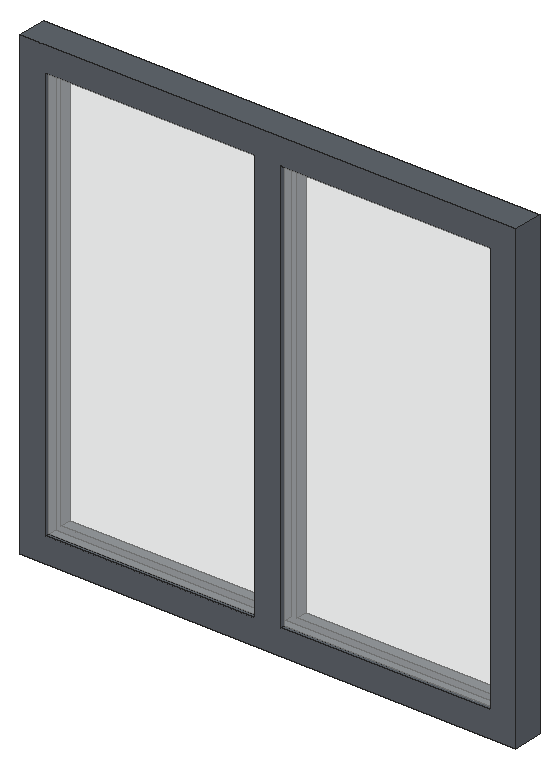
Revit family "Wicline_95_Glazed_in_fixed_light_composite", category Windows, host Wall, Revit 2014
Parameters
  Youtube clip = ""
  Window Offset = 60 mm
  Weight Net (Kg) = 0
  Watertightness = "E900"
  Uniclass 2015 Name = ""
  Uniclass 2015 Code = ""
  Uniclass 2.0 Description = ""
  Uniclass 2.0 Code = ""
  Uniclass 1.4 Description = ""
  Uniclass 1.4 Code = ""
  URL = "http://www.wicona.com"
  UNSPSC Code = ""
  U-value W/m²k = "0.80 W/(m2K)"
  Transom 1019213 = no
  Transom 1019204 = not(or(Transom 1019206, Transom 1019209, Transom 1019213))  # yes
  Transom 1019206 = no
  Transom 1019209 = no
  Technical description = ""
  Resistance to wind load = "Class C5/B5"
  Repeated Opening/Closing = "Class 3 (20,000 cycles)"
  Region South America = "None"
  Region Oceania = "None"
  Region North America = "None"
  Region Middle East = "None"
  Region Europe = "AD, AL, AT, AX, BA, BE, BG, BY, CH, CS, CY, CZ, DE, DK, EE, ES, FI, FO, FR, GB, GG, GI, GR, HR, HU, IE, IM, IS, IT, JE, LI, LT, LU, LV, MC, MD, ME, MK, MT, NL, NO, PL, PT, RO, RS, RU, SE, SI, SJ, SK, SM, UA, VA, XK"
  Region Asia = "None"
  Region Antarctica = "None"
  Region Africa = "None"
  Quality Assurance = "Certified according to ISO 9001:2008\r\nCertified according to ISO 9001:2008"
  QR code = "http://bimobject.com/wicona/product/WICLINE_95_W"
  Product group = "Windows"
  Product family = "Windows & Doors"
  Product data url = "http://bimobject.com/wicona/product/WICLINE_95_W"
  Product certification = ""
  Product SKU = "WICLINE_95_W"
  Product Guid = "e95bb49c-67c8-4fe8-88fb-b6bba030be1f"
  Operating Forces = "Class 1"
  OmniClass Description = ""
  OmniClass Code = ""
  Nominal width = 100000
  Nominal height = 150000
  NBS Reference Description = ""
  NBS Reference Code = ""
  Model = "Wicline 95"
  Mechanical Strength = "Class 4"
  Maximum Sash Weight = "150kg as standard design, heavier weights can easily be customised"
  Material secondary = "Glass"
  Material main = "Aluminium"
  Manufacturer name = "Wicona"
  Manufacturer country = "Germany"
  Manufacturer = "Wicona"
  Leaf Width = Width - 2 * Frame Width 2 Glass  # 1466 mm
  Leaf Material = WICONA - Aluminium - RAL7016 - Anthracite Grey - Matt
  Leaf Height = Height - 2 * Frame Width 2 Glass  # 1366 mm
  Installation instructions = ""
  IFC Classification = ""
  Height = 1500 mm
  Handle Material = Aluminium
  Glass Material = WICONA -  Glass
  Frame Width 6 = Frame Width 4 - 3 mm  # 42 mm
  Frame Width 5 Glass = Frame Width 4 - 18 mm  # 27 mm
  Frame Width 4 = if(Transom 1019204, 45 mm, if(Transom 1019206, 55 mm, if(Transom 1019209, 70 mm, 90 mm)))  # 45 mm
  Frame Width 3 = Frame Width - 3 mm  # 82 mm
  Frame Width 2 Glass = if(Frame 1019006, 67 mm, 47 mm)  # 67 mm
  Frame Width = if(Frame 1019006, 85 mm, 65 mm)  # 85 mm
  Frame Thickness = 95 mm
  Frame Material = WICONA - Aluminium - RAL7016 - Anthracite Grey - Matt
  Frame 1019010 = no
  Frame 1019006 = yes
  Frame 1019004 = not(or(Frame 1019006, Frame 1019010))  # no
  Edition number = 1
  EAN code = ""
  Design country = "Germany"
  Description = "The WICLINE 95 window system meets the highest energy efficiency standards with a frame depth of only 95 mm and a slim sightline of only 125 mm. The Thermo Frame insulation zone for WICLINE 95 is located inside the rebate area of the window and can be fabricated and installed quickly and easily through an intelligent clamping system. This feature allows adjustment of the Uf-value as required for the building. The main components of the WICLINE 65 and 75 series are used for WICLINE 95 in line with the WICONA Unysis principle to simplify ordering and minimize stock keeping. The new ETC Intelligence® thermal break zone through its intelligent material mix achieves passive house class phB and removes the need for foam inserts in the sash or frame profile."
  Default Sill Height = 800 mm
  Wall Closure = By host
  Width = 1600 mm
  Date of publishing = "3/14/2015"
  COBIe Type Category = ""
  BIMobject category = ""
  Analytic Construction = "<None>"
  Air Permeability = "Class 5"
  Acoustic = "Rw (C;Ctr) = 47 (-1;-4) dB"
Reference planes
  plane 1 "Center (Front/Back)": y = 0
  plane 2 "Center (Left/Right)": x = 0
  plane 3 "Left": x = -800
  plane 4 "Right": x = 800
  plane 5 "Sill": z = 800
  plane 6 "Head": z = 2300
  plane 7 "Exterior": y = 100
  plane 8 "Interior": y = -100
  plane 9 "alap": y = 40
  plane 10: y = -55
  plane 11: x = -733
  plane 12: x = -715
  plane 13: z = 2233
  plane 14: x = 715
  plane 15: x = -718
  plane 16: x = -45
  plane 17: x = -27
  plane 18: x = -42
  plane 19: x = 42
  plane 20: x = 27
  plane 21: x = 45
  plane 22: x = 733
  plane 23: z = 867
Forms (mm)
  Sweep 1, solid, material "WICONA - Aluminium - RAL7016 - Anthracite Grey - Matt" <- "Frame Material", detail levels medium+fine
    path in 3D
      loop
        line (-800, -100, 2300) -> (800, -100, 2300) -> (800, -100, 800) -> (-800, -100, 800) -> (-800, -100, 2300)
    profile origin (-800, -100, 1550) x (0, -1, 0) y (1, 0, 0)
      loop
        line (-140, 85) -> (-140, 0) -> (-45, 0) -> (-45, 82) -> (-56.499, 82) -> (-56.499, 67) -> (-104.5, 67) -> (-104.5, 85) -> (-140, 85)
  Sweep 2, solid, material "WICONA - Aluminium - RAL7016 - Anthracite Grey - Matt" <- "Frame Material", detail levels medium+fine
    path origin (0, 40, 0) x (-1, 0, 0) y (0, 0, 1)
      loop
        line (0, 2218) -> (0, 882)
    profile origin (0, 40, 1550) x (0, 1, 0) y (-1, 0, 0)
      loop
        line (0, 45) -> (-35.5, 45) -> (-35.5, 27) -> (-83.5, 27) -> (-83.5, 42) -> (-95, 42) -> (-95, -42) -> (-83.5, -42) -> (-83.5, -27) -> (-35.5, -27) -> (-35.5, -45) -> (0, -45) -> (0, 45)
  Extrusion 3, solid, material "WICONA -  Glass" <- "Glass Material", detail levels fine
    sketch origin (594.453, 374.856, 0) x (1, 0, 0) y (0, 1, 0)
      loop
        line (-1327.453, -370.356) -> (-1327.453, -418.358) -> (138.547, -418.358) -> (138.547, -370.356) -> (-1327.453, -370.356)
    from 867 to 2233
Cuts and joins
  joined: Sweep 1, Sweep 2
Lines and regions (mm)
  Opening 1
    outline origin (3500, -100, 0) x (1, 0, 0) y (0, 0, 1)
      loop
        line (-2700, 800) -> (-2700, 2300) -> (-4300, 2300) -> (-4300, 800) -> (-2700, 800)
  sketch lines
    curve 1: line (-800, -100, 800) -> (-800, -100, 2300)
    curve 2: line (-800, -100, 2300) -> (800, -100, 2300)
    curve 3: line (800, -100, 2300) -> (800, -100, 800)
    curve 4: line (800, -100, 800) -> (-800, -100, 800)
  symbolic lines, style "Windows", detail levels coarse
    curve 5: line (-715, 100, 0) -> (-715, -100, 0)
    curve 6: line (715, 100, 0) -> (715, -100, 0)
    curve 7: line (-715, -55, 0) -> (-27, -55, 0)
    curve 8: line (27, 100, 0) -> (27, -100, 0)
    curve 9: line (27, 40, 0) -> (715, 40, 0)
    curve 10: line (-27, 100, 0) -> (-27, -100, 0)
    curve 11: line (-715, 40, 0) -> (-27, 40, 0)
    curve 12: line (27, -55, 0) -> (715, -55, 0)
  symbolic lines, style "Windows", detail levels medium+fine
    curve 13: line (-718, 40, 0) -> (-27, 40, 0)
    curve 14: line (-718, -55, 0) -> (-27, -55, 0)
    curve 15: line (27.492, 40, 0) -> (733, 40, 0)
    curve 16: line (27.492, -55, 0) -> (733, -55, 0)
    curve 17: line (-800, 40, 2233) -> (-800, 40, 867)
    curve 18: line (-800, -55, 2233) -> (-800, -55, 867)
Text (mm)
  text "EXTERIOR" at (-1963.203, 1332.353, 0), in view "Ref. Level"
  text "INTERIOR" at (-1981.466, -818.386, 0), in view "Ref. Level"
  text "Exterior" at (0, 923.751, 2943.296), in view "Right"
  text "Exterior" at (0, 1040.484, 2685.409), in view "Left"
Dimensions and locks
  equal spacing: plane 3 "Left", plane 2 "Center (Left/Right)", plane 4 "Right"
  "Width": plane 3 "Left" to plane 4 "Right"
  "Height": plane 5 "Sill" to plane 6 "Head"
  "Default Sill Height": plane 5 "Sill" to level
  locked: plane 7 "Exterior" to host wall at 0
  locked: plane 8 "Interior" to host wall
  "Frame Thickness": plane 9 "alap" to plane 10
  "Frame Width": plane 3 "Left" to plane 12
  "Frame Width 2 Glass": plane 3 "Left" to plane 11
  "Window Offset": host wall to plane 9 "alap"
  "Frame Width": plane 14 to plane 4 "Right"
  "Frame Width 2 Glass": plane 13 to plane 6 "Head"
  "Frame Width 3": plane 3 "Left" to plane 15
  "Frame Width 2 Glass": plane 22 to plane 4 "Right"
  "Frame Width 4": plane 16 to plane 2 "Center (Left/Right)"
  "Frame Width 4": plane 2 "Center (Left/Right)" to plane 21
  "Frame Width 5 Glass": plane 17 to plane 2 "Center (Left/Right)"
  "Frame Width 5 Glass": plane 2 "Center (Left/Right)" to plane 20
  "Frame Width 6": plane 18 to plane 2 "Center (Left/Right)"
  "Frame Width 6": plane 2 "Center (Left/Right)" to plane 19
  "Frame Width 2 Glass": plane 23 to plane 5 "Sill"
  aligned and locked: profile plane to Sweep 1 sketch curve
  aligned and locked: Sweep 1 sketch curve to plane 12
  aligned and locked: plane 10 to Sweep 1 sketch curve
  aligned and locked: curve 7 to plane 10
  aligned and locked: curve 5 to plane 12
  aligned and locked: nested 1 to plane 3 "Left"
  aligned and locked: nested 1 to plane 9 "alap"
  aligned and locked: nested 2 to plane 4 "Right"
  aligned and locked: plane 9 "alap" to nested 2
  aligned and locked: nested 3 to plane 9 "alap"
  aligned and locked: nested 3 to plane 3 "Left"
  aligned and locked: plane 9 "alap" to nested 4
  aligned and locked: nested 4 to plane 4 "Right"
  aligned and locked: plane 9 "alap" to nested 6
  aligned and locked: nested 6 to plane 4 "Right"
  aligned and locked: nested 5 to plane 9 "alap"
  aligned and locked: nested 5 to plane 3 "Left"
  aligned and locked: Sweep 1 sketch curve to plane 11
  aligned and locked: Sweep 1 sketch curve to plane 15
  aligned and locked: plane 9 "alap" to Sweep 1 sketch curve
  aligned and locked: plane 9 "alap" to nested 8
  aligned and locked: nested 8 to plane 6 "Head"
  aligned and locked: nested 7 to plane 9 "alap"
  aligned and locked: nested 7 to plane 5 "Sill"
  aligned and locked: plane 9 "alap" to nested 10
  aligned and locked: nested 10 to plane 6 "Head"
  aligned and locked: nested 9 to plane 5 "Sill"
  aligned and locked: nested 9 to plane 9 "alap"
  aligned and locked: nested 12 to plane 6 "Head"
  aligned and locked: plane 9 "alap" to nested 12
  aligned and locked: nested 11 to plane 5 "Sill"
  aligned and locked: nested 11 to plane 9 "alap"
  aligned and locked: nested 14 to plane 2 "Center (Left/Right)"
  aligned and locked: plane 9 "alap" to nested 14
  aligned and locked: nested 15 to plane 2 "Center (Left/Right)"
  aligned and locked: plane 9 "alap" to nested 15
  aligned and locked: nested 16 to plane 2 "Center (Left/Right)"
  aligned and locked: plane 9 "alap" to nested 16
  aligned and locked: nested 17 to plane 2 "Center (Left/Right)"
  aligned and locked: plane 9 "alap" to nested 17
  aligned and locked: Sweep 2 sketch curve to plane 2 "Center (Left/Right)"
  aligned and locked: Sweep 2 sketch curve to plane 16
  aligned and locked: plane 21 to Sweep 2 sketch curve
  aligned and locked: Sweep 2 sketch curve to plane 17
  aligned and locked: plane 20 to Sweep 2 sketch curve
  aligned and locked: Sweep 2 sketch curve to plane 18
  aligned and locked: plane 19 to Sweep 2 sketch curve
  aligned and locked: plane 11 to nested 13
  aligned and locked: plane 17 to nested 13
  aligned and locked: nested 13 to Sweep 1
  aligned and locked: plane 20 to nested 18
  aligned and locked: plane 22 to nested 18
  aligned and locked: nested 18 to Sweep 1
  aligned and locked: nested 19 to plane 13
  aligned and locked: nested 19 to plane 23
  aligned and locked: Extrusion 3 to plane 11
  aligned and locked: plane 22 to Extrusion 3
  aligned and locked: Extrusion 3 to Sweep 1  (x2)
  aligned and locked: plane 13 to Extrusion 3
  aligned and locked: Extrusion 3 to plane 23
  aligned and locked: Sweep 1 to Sweep 2 sketch curve  (x2)
  aligned and locked: curve 8 to plane 20
  aligned and locked: host wall to curve 8  (x2)
  aligned and locked: host wall to curve 10  (x2)
  aligned and locked: curve 5 to curve 11
  aligned and locked: curve 11 to Sweep 1
  aligned and locked: curve 10 to curve 7
  aligned and locked: Sweep 1 to curve 12
  aligned and locked: curve 8 to curve 9
  aligned and locked: curve 6 to curve 9
  aligned and locked: curve 9 to Sweep 1
  aligned and locked: plane 17 to curve 14
  aligned and locked: plane 15 to curve 14
  aligned and locked: plane 15 to curve 13
  aligned and locked: curve 14 to plane 10
  aligned and locked: curve 13 to plane 9 "alap"
  aligned and locked: curve 16 to plane 10
  aligned and locked: curve 15 to plane 9 "alap"
  aligned and locked: plane 13 to curve 17
  aligned and locked: plane 13 to curve 18
  aligned and locked: plane 23 to curve 18
  aligned and locked: plane 23 to curve 17
  aligned and locked: plane 10 to curve 18
  aligned and locked: plane 9 "alap" to curve 17
  aligned and locked: plane 22 to curve 15
  aligned and locked: plane 22 to curve 16
Automatic sketch dimensions
  plane 3 "Left" to Opening 1 sketch curve = 0 mm
  plane 4 "Right" to Opening 1 sketch curve = 0 mm
  Opening 1 sketch curve to plane 5 "Sill" = 0 mm
  Opening 1 sketch curve to plane 6 "Head" = 0 mm
  Sweep 1 sketch curve to Sweep 1 sketch curve = 35.5 mm
  Sweep 1 sketch curve to Sweep 1 sketch curve = 11.499 mm
  host wall to curve 6 = 0 mm
  curve 6 to plane 14 = 0 mm
  host wall to curve 5 = 0 mm
  curve 6 to host wall = 0 mm
  curve 5 to host wall = 0 mm
  curve 9 to curve 15 = 0.492 mm
  curve 12 to curve 16 = 0.492 mm
  Sweep 2 sketch curve to plane 9 "alap" = 0 mm
  Sweep 2 sketch curve to plane 9 "alap" = 35.5 mm  (x2)
  Sweep 2 sketch curve to Sweep 2 sketch curve = 48 mm  (x2)
  Sweep 2 sketch curve to Sweep 2 sketch curve = 11.5 mm
  Extrusion 3 sketch curve to plane 11 = 0 mm
  Extrusion 3 sketch curve to plane 22 = 0 mm
  plane 10 to Extrusion 3 sketch curve = 11.499 mm
  Extrusion 3 sketch curve to host wall = 4.5 mm
Nested families
  nested 1: "Frame_fix_1019004" at (-800, 40, 0), visible <- "Frame 1019004", type "Frame_fix_1019004"
  nested 2: "Frame_fix_1019004" at (800, 40, 0) x (-1, 0, 0) z (0, 0, 1), visible <- "Frame 1019004", type "Frame_fix_1019004"
  nested 3: "Frame_fix_1019006" at (-800, 40, 0), visible <- "Frame 1019006", type "Frame_fix_1019006"
  nested 4: "Frame_fix_1019006" at (800, 40, 0) x (-1, 0, 0) z (0, 0, 1), visible <- "Frame 1019006", type "Frame_fix_1019006"
  nested 5: "Frame_fix_1019010" at (-800, 40, 0), visible <- "Frame 1019010", type "Frame_fix_1019010"
  nested 6: "Frame_fix_1019010" at (800, 40, 0) x (-1, 0, 0) z (0, 0, 1), visible <- "Frame 1019010", type "Frame_fix_1019010"
  nested 7: "Frame_fix_1019004" at (-800, 40, 800) x (0, 0, 1) z (-1, 0, 0), visible <- "Frame 1019004", type "Frame_fix_1019004"
  nested 8: "Frame_fix_1019004" at (-800, 40, 2300) x (0, 0, -1) z (-1, 0, 0), visible <- "Frame 1019004", type "Frame_fix_1019004"
  nested 9: "Frame_fix_1019006" at (-800, 40, 800) x (0, 0, 1) z (-1, 0, 0), visible <- "Frame 1019006", type "Frame_fix_1019006"
  nested 10: "Frame_fix_1019006" at (-800, 40, 2300) x (0, 0, -1) z (-1, 0, 0), visible <- "Frame 1019006", type "Frame_fix_1019006"
  nested 11: "Frame_fix_1019010" at (-800, 40, 800) x (0, 0, 1) z (-1, 0, 0), visible <- "Frame 1019010", type "Frame_fix_1019010"
  nested 12: "Frame_fix_1019010" at (-800, 40, 2300) x (0, 0, -1) z (-1, 0, 0), visible <- "Frame 1019010", type "Frame_fix_1019010"
  nested 13: "window_3_pieces_glass_line" at (-733, -43.501, 0), type "T48"
    with built-in parameter 1001306 2.3163 (stored number, unit not read)
  nested 14: "Transom_1019204" at (0, -55, 0), visible <- "Transom 1019204", type "Transom_1019204"
  nested 15: "Transom_1019206" at (0, -55, 0), visible <- "Transom 1019206", type "Transom_1019206"
  nested 16: "Transom_1019209" at (0, -55, 0), visible <- "Transom 1019209", type "Transom_1019209"
  nested 17: "Transom_1019213" at (0, -55, 0), visible <- "Transom 1019213", type "Transom_1019213"
  nested 18: "window_3_pieces_glass_line" at (27, -43.501, 0), type "T48"
    with built-in parameter 1001306 2.3163 (stored number, unit not read)
  nested 19: "window_3_pieces_glass_line" at (-800, 4.5, 2233) x (0, 0, -1) z (-1, 0, 0), type "T48"
    with built-in parameter 1001306 4.4816 (stored number, unit not read)
Definition of nested family "Frame_fix_1019004"
  Reference planes
    plane 1 "Center (Front/Back)": y = 0
    plane 2: z = 0
    plane 3 "Center (Left/Right)": x = 0
  Lines and regions (mm)
    Filled region 1, type "Concrete", in view "Ref. Level", detail levels medium
      outline origin (0, 0, 0) x (1, 0, 0) y (0, 1, 0)
        loop
          line (0, 0) -> (0, -95) -> (62, -95) -> (62, -83.501) -> (46.971, -83.501) -> (46.971, -35.496) -> (65, -35.496) -> (65, 0) -> (0, 0)
    model lines, style "DetailComponents", in view "Ref. Level", detail levels fine
      curve 1: line (46.971, -35.496, 0) -> (46.971, -83.501, 0)
Definition of nested family "Frame_fix_1019006"
  Reference planes
    plane 1 "Center (Front/Back)": y = 0
    plane 2: z = 0
    plane 3 "Center (Left/Right)": x = 0
  Lines and regions (mm)
    Filled region 1, type "Concrete", in view "Ref. Level", detail levels medium
      outline origin (0, 0, 0) x (1, 0, 0) y (0, 1, 0)
        loop
          line (0, 0) -> (0, -95) -> (82, -95) -> (82, -83.5) -> (67, -83.5) -> (67, -35.5) -> (85, -35.5) -> (85, 0) -> (0, 0)
    model lines, style "GLAS", in view "Ref. Level", detail levels fine
      curve 1: line (67, -83.5, 0) -> (67, -35.5, 0)
Definition of nested family "Frame_fix_1019010"
  Reference planes
    plane 1 "Center (Front/Back)": y = 0
    plane 2: z = 0
    plane 3 "Center (Left/Right)": x = 0
  Lines and regions (mm)
    Filled region 1, type "Concrete", in view "Ref. Level", detail levels medium
      outline origin (0, 0, 0) x (1, 0, 0) y (0, 1, 0)
        loop
          line (0, 0) -> (0, -95) -> (62, -95) -> (62, -83.5) -> (47.019, -83.5) -> (47.019, -35.497) -> (65, -35.497) -> (65, 0) -> (32.698, 0) -> (32.698, -5.629) -> (26, -5.629) -> (26, 0) -> (0, 0)
    detail lines, in view "Ref. Level", detail levels fine
      curve 1: line (47.019, -35.497, 0) -> (47.019, -83.5, 0)
Definition of nested family "window_3_pieces_glass_line"
  Parameters (values of type "T48")
    v2 = 2.5 mm
    v1 = 6 mm
    line = 10 mm
    built-in parameter 1001306 [instance] = 1200 mm
    Glass Thickness = 48.1 mm
  Types (2, lengths in mm): name | Glass Thickness
    T48 | 48.1
    T38 | 38
  Reference planes
    plane 1 "Center (Front/Back)": y = 0
    plane 2: z = 0
    plane 3 "Left": x = 0
    plane 4 "Right": x = 1200
    plane 5: y = 24.05
    plane 6: y = 48.1
    plane 7: y = 6
    plane 8: y = 21.55
    plane 9: y = 26.55
    plane 10: y = 42.1
    plane 11: x = 10
    plane 12: x = 1190
  Lines and regions (mm)
    reference lines, in view "Ref. Level"
      curve 1: line (0, 0, 0) -> (1200, 0, 0)
    detail lines, in view "Ref. Level", detail levels medium+fine
      curve 2: line (0, 48.1, 0) -> (1200, 48.1, 0)
      curve 3: line (0, 0, 0) -> (1200, 0, 0)
    detail lines, in view "Ref. Level", detail levels fine
      curve 4: line (0, 42.1, 0) -> (1200, 42.1, 0)
      curve 5: line (0, 26.55, 0) -> (1200, 26.55, 0)
      curve 6: line (0, 21.55, 0) -> (1200, 21.55, 0)
      curve 7: line (0, 6, 0) -> (1200, 6, 0)
    model lines, style "DetailComponents", in view "Ref. Level", detail levels fine
      curve 8: line (10, 42.1, 0) -> (10, 26.55, 0)
      curve 9: line (10, 21.55, 0) -> (10, 6, 0)
      curve 11: line (1190, 42.1, 0) -> (1190, 26.55, 0)
    model lines, style "DetailComponents", in view "Ref. Level", detail levels medium
      curve 10: line (10, 48.1, 0) -> (10, 0, 0)
    detail lines, style "DetailComponents", in view "Ref. Level", detail levels fine
      curve 12: line (1190, 21.55, 0) -> (1190, 6, 0)
    detail lines, style "DetailComponents", in view "Ref. Level", detail levels medium
      curve 13: line (1190, 48.1, 0) -> (1190, 0, 0)
    model lines, style "DetailComponents", in view "Ref. Level", detail levels medium+fine
      curve 14: line (1200, 48.1, 0) -> (1200, 0, 0)
    detail lines, style "DetailComponents", in view "Ref. Level", detail levels medium+fine
      curve 15: line (0, 48.1, 0) -> (0, 0, 0)
  Dimensions and locks
    "built-in parameter 1001306": plane 3 "Left" to plane 4 "Right"
    "Glass Thickness": plane 6 to plane 1 "Center (Front/Back)"
    equal spacing: plane 6, plane 5, plane 1 "Center (Front/Back)"
    "v1": plane 6 to plane 10
    "v1": plane 7 to plane 1 "Center (Front/Back)"
    "v2": plane 9 to plane 5
    "v2": plane 5 to plane 8
    "line": plane 3 "Left" to plane 11
    "line": plane 12 to plane 4 "Right"
    aligned and locked: plane 1 "Center (Front/Back)" to curve 1
    aligned and locked: plane 3 "Left" to curve 1
    aligned and locked: plane 4 "Right" to curve 1
    aligned and locked: plane 6 to curve 2
    aligned and locked: plane 10 to curve 4
    aligned and locked: plane 7 to curve 7
    aligned and locked: plane 8 to curve 6
    aligned and locked: plane 9 to curve 5
    aligned and locked: curve 4 to curve 8
    aligned and locked: curve 5 to curve 8
    aligned and locked: curve 8 to plane 11
    aligned and locked: curve 7 to curve 9
    aligned and locked: curve 6 to curve 9
    aligned and locked: curve 9 to plane 11
    aligned and locked: curve 3 to curve 10
    aligned and locked: curve 2 to curve 10
    aligned and locked: curve 10 to plane 11
    aligned and locked: curve 4 to curve 11
    aligned and locked: curve 5 to curve 11
    aligned and locked: curve 11 to plane 12
    aligned and locked: curve 6 to curve 12
    aligned and locked: curve 7 to curve 12
    aligned and locked: curve 12 to plane 12
    aligned and locked: curve 2 to curve 13
    aligned and locked: curve 3 to curve 13
    aligned and locked: curve 13 to plane 12
    aligned and locked: plane 1 "Center (Front/Back)" to curve 15
    aligned and locked: curve 15 to plane 3 "Left"
    aligned and locked: curve 2 to curve 14
    aligned and locked: curve 3 to curve 14
    aligned and locked: curve 14 to plane 4 "Right"
  Automatic sketch dimensions
    curve 7 to plane 4 "Right" = 0 mm
    curve 4 to plane 4 "Right" = 0 mm
    curve 3 to plane 4 "Right" = 0 mm
    curve 2 to plane 4 "Right" = 0 mm
    curve 6 to plane 4 "Right" = 0 mm
    curve 5 to plane 4 "Right" = 0 mm
Definition of nested family "Transom_1019204"
  Parameters (values of type "Transom_1019204")
    profiles = 94.8 mm
  Reference planes
    plane 1 "Center (Front/Back)": y = 0
    plane 2: z = 0
    plane 3 "Center (Left/Right)": x = 0
    plane 4: y = 95
  Lines and regions (mm)
    Filled region 1, type "Concrete", in view "Ref. Level", detail levels medium
      outline origin (20.839, 75.02, 0) x (1, 0, 0) y (0, 1, 0)
        loop
          line (-65.922, 19.98) -> (-65.922, -15.52) -> (-47.872, -15.52) -> (-47.872, -63.52) -> (-62.995, -63.52) -> (-62.995, -75.02) -> (21.246, -75.02) -> (21.246, -63.52) -> (6.194, -63.52) -> (6.194, -15.52) -> (24.244, -15.52) -> (24.244, 19.98) -> (-65.922, 19.98)
    detail lines, style "CENT3", in view "Ref. Level", not visible
      curve 1: line (152.538, 151.691, 0) -> (152.538, 209.691, 0)
      curve 2: line (162.538, 151.691, 0) -> (162.538, 209.691, 0)
    detail lines, style "GLAS", in view "Ref. Level", not visible
      curve 3: line (112.538, 156.691, 0) -> (152.538, 156.691, 0)
      curve 4: line (152.538, 156.691, 0) -> (152.538, 161.691, 0)
      curve 5: line (152.538, 161.691, 0) -> (112.538, 161.691, 0)
      curve 6: line (112.538, 161.691, 0) -> (112.538, 156.691, 0)
      curve 7: line (112.538, 177.691, 0) -> (152.538, 177.691, 0)
      curve 8: line (152.538, 177.691, 0) -> (152.538, 182.691, 0)
      curve 9: line (152.538, 182.691, 0) -> (112.538, 182.691, 0)
      curve 10: line (112.538, 182.691, 0) -> (112.538, 177.691, 0)
      curve 11: line (112.538, 198.691, 0) -> (152.538, 198.691, 0)
      curve 12: line (152.538, 198.691, 0) -> (152.538, 204.691, 0)
      curve 13: line (152.538, 204.691, 0) -> (112.538, 204.691, 0)
      curve 14: line (112.538, 204.691, 0) -> (112.538, 198.691, 0)
      curve 15: line (202.538, 156.691, 0) -> (162.538, 156.691, 0)
      curve 16: line (162.538, 156.691, 0) -> (162.538, 161.691, 0)
      curve 17: line (162.538, 161.691, 0) -> (202.538, 161.691, 0)
      curve 18: line (202.538, 161.691, 0) -> (202.538, 156.691, 0)
      curve 19: line (202.538, 177.691, 0) -> (162.538, 177.691, 0)
      curve 20: line (162.538, 177.691, 0) -> (162.538, 182.691, 0)
      curve 21: line (162.538, 182.691, 0) -> (202.538, 182.691, 0)
      curve 22: line (202.538, 182.691, 0) -> (202.538, 177.691, 0)
      curve 23: line (202.538, 198.691, 0) -> (162.538, 198.691, 0)
      curve 24: line (162.538, 198.691, 0) -> (162.538, 204.691, 0)
      curve 25: line (162.538, 204.691, 0) -> (202.538, 204.691, 0)
      curve 26: line (202.538, 204.691, 0) -> (202.538, 198.691, 0)
      curve 27: line (112.538, 157.691, 0) -> (152.538, 157.691, 0)
      curve 28: line (112.538, 158.691, 0) -> (152.538, 158.691, 0)
      curve 29: line (112.538, 159.691, 0) -> (152.538, 159.691, 0)
      curve 30: line (112.538, 160.691, 0) -> (152.538, 160.691, 0)
      curve 31: line (112.538, 161.691, 0) -> (152.538, 161.691, 0)
      curve 32: line (122.538, 161.691, 0) -> (122.538, 177.691, 0)
      curve 33: line (112.538, 177.691, 0) -> (152.538, 177.691, 0)
      curve 34: line (112.538, 178.691, 0) -> (152.538, 178.691, 0)
      curve 35: line (112.538, 179.691, 0) -> (152.538, 179.691, 0)
      curve 36: line (112.538, 180.691, 0) -> (152.538, 180.691, 0)
      curve 37: line (112.538, 181.691, 0) -> (152.538, 181.691, 0)
      curve 38: line (112.538, 182.691, 0) -> (152.538, 182.691, 0)
      curve 39: line (122.538, 182.691, 0) -> (122.538, 198.691, 0)
      curve 40: line (112.538, 198.691, 0) -> (152.538, 198.691, 0)
      curve 41: line (112.538, 199.691, 0) -> (152.538, 199.691, 0)
      curve 42: line (112.538, 200.691, 0) -> (152.538, 200.691, 0)
      curve 43: line (112.538, 201.691, 0) -> (152.538, 201.691, 0)
      curve 44: line (112.538, 202.691, 0) -> (152.538, 202.691, 0)
      curve 45: line (112.538, 203.691, 0) -> (152.538, 203.691, 0)
      curve 46: line (152.538, 156.691, 0) -> (112.538, 156.691, 0)
      curve 47: line (112.538, 156.691, 0) -> (112.538, 204.691, 0)
      curve 48: line (112.538, 204.691, 0) -> (152.538, 204.691, 0)
      curve 49: line (202.538, 157.691, 0) -> (162.538, 157.691, 0)
      curve 50: line (202.538, 158.691, 0) -> (162.538, 158.691, 0)
      curve 51: line (202.538, 159.691, 0) -> (162.538, 159.691, 0)
      curve 52: line (202.538, 160.691, 0) -> (162.538, 160.691, 0)
      curve 53: line (202.538, 161.691, 0) -> (162.538, 161.691, 0)
      curve 54: line (192.538, 161.691, 0) -> (192.538, 177.691, 0)
      curve 55: line (202.538, 177.691, 0) -> (162.538, 177.691, 0)
      curve 56: line (202.538, 178.691, 0) -> (162.538, 178.691, 0)
      curve 57: line (202.538, 179.691, 0) -> (162.538, 179.691, 0)
      curve 58: line (202.538, 180.691, 0) -> (162.538, 180.691, 0)
      curve 59: line (202.538, 181.691, 0) -> (162.538, 181.691, 0)
      curve 60: line (202.538, 182.691, 0) -> (162.538, 182.691, 0)
      curve 61: line (192.538, 182.691, 0) -> (192.538, 198.691, 0)
      curve 62: line (202.538, 198.691, 0) -> (162.538, 198.691, 0)
      curve 63: line (202.538, 199.691, 0) -> (162.538, 199.691, 0)
      curve 64: line (202.538, 200.691, 0) -> (162.538, 200.691, 0)
      curve 65: line (202.538, 201.691, 0) -> (162.538, 201.691, 0)
      curve 66: line (202.538, 202.691, 0) -> (162.538, 202.691, 0)
      curve 67: line (202.538, 203.691, 0) -> (162.538, 203.691, 0)
      curve 68: line (162.538, 156.691, 0) -> (202.538, 156.691, 0)
      curve 69: line (202.538, 156.691, 0) -> (202.538, 204.691, 0)
      curve 70: line (202.538, 204.691, 0) -> (162.538, 204.691, 0)
    detail lines, style "GLAS", in view "Ref. Level", detail levels fine
      curve 71: line (27.033, 11.5, 0) -> (27.033, 59.5, 0)
      curve 72: line (-27.033, 11.5, 0) -> (-27.033, 59.5, 0)
  Dimensions and locks
    plane 4 to plane 1 "Center (Front/Back)" = 95 mm
Definition of nested family "Transom_1019206"
  Parameters (values of type "Transom_1019206")
    profiles = 94.8 mm
  Reference planes
    plane 1 "Center (Front/Back)": y = 0
    plane 2: z = 0
    plane 3 "Center (Left/Right)": x = 0
    plane 4: y = 95
  Lines and regions (mm)
    Filled region 1, type "Concrete", in view "Ref. Level", detail levels medium
      outline origin (20.839, 75.02, 0) x (1, 0, 0) y (0, 1, 0)
        loop
          line (-75.943, 19.98) -> (-75.943, -15.52) -> (-57.893, -15.52) -> (-57.893, -63.52) -> (-72.952, -63.52) -> (-72.952, -75.02) -> (31.149, -75.02) -> (31.149, -63.52) -> (16.215, -63.52) -> (16.215, -15.52) -> (34.265, -15.52) -> (34.265, 19.98) -> (-75.943, 19.98)
    detail lines, style "CENT3", in view "Ref. Level", not visible
      curve 1: line (152.538, 151.691, 0) -> (152.538, 209.691, 0)
      curve 2: line (162.538, 151.691, 0) -> (162.538, 209.691, 0)
    detail lines, style "GLAS", in view "Ref. Level", not visible
      curve 3: line (112.538, 156.691, 0) -> (152.538, 156.691, 0)
      curve 4: line (152.538, 156.691, 0) -> (152.538, 161.691, 0)
      curve 5: line (152.538, 161.691, 0) -> (112.538, 161.691, 0)
      curve 6: line (112.538, 161.691, 0) -> (112.538, 156.691, 0)
      curve 7: line (112.538, 177.691, 0) -> (152.538, 177.691, 0)
      curve 8: line (152.538, 177.691, 0) -> (152.538, 182.691, 0)
      curve 9: line (152.538, 182.691, 0) -> (112.538, 182.691, 0)
      curve 10: line (112.538, 182.691, 0) -> (112.538, 177.691, 0)
      curve 11: line (112.538, 198.691, 0) -> (152.538, 198.691, 0)
      curve 12: line (152.538, 198.691, 0) -> (152.538, 204.691, 0)
      curve 13: line (152.538, 204.691, 0) -> (112.538, 204.691, 0)
      curve 14: line (112.538, 204.691, 0) -> (112.538, 198.691, 0)
      curve 15: line (202.538, 156.691, 0) -> (162.538, 156.691, 0)
      curve 16: line (162.538, 156.691, 0) -> (162.538, 161.691, 0)
      curve 17: line (162.538, 161.691, 0) -> (202.538, 161.691, 0)
      curve 18: line (202.538, 161.691, 0) -> (202.538, 156.691, 0)
      curve 19: line (202.538, 177.691, 0) -> (162.538, 177.691, 0)
      curve 20: line (162.538, 177.691, 0) -> (162.538, 182.691, 0)
      curve 21: line (162.538, 182.691, 0) -> (202.538, 182.691, 0)
      curve 22: line (202.538, 182.691, 0) -> (202.538, 177.691, 0)
      curve 23: line (202.538, 198.691, 0) -> (162.538, 198.691, 0)
      curve 24: line (162.538, 198.691, 0) -> (162.538, 204.691, 0)
      curve 25: line (162.538, 204.691, 0) -> (202.538, 204.691, 0)
      curve 26: line (202.538, 204.691, 0) -> (202.538, 198.691, 0)
      curve 27: line (112.538, 157.691, 0) -> (152.538, 157.691, 0)
      curve 28: line (112.538, 158.691, 0) -> (152.538, 158.691, 0)
      curve 29: line (112.538, 159.691, 0) -> (152.538, 159.691, 0)
      curve 30: line (112.538, 160.691, 0) -> (152.538, 160.691, 0)
      curve 31: line (112.538, 161.691, 0) -> (152.538, 161.691, 0)
      curve 32: line (122.538, 161.691, 0) -> (122.538, 177.691, 0)
      curve 33: line (112.538, 177.691, 0) -> (152.538, 177.691, 0)
      curve 34: line (112.538, 178.691, 0) -> (152.538, 178.691, 0)
      curve 35: line (112.538, 179.691, 0) -> (152.538, 179.691, 0)
      curve 36: line (112.538, 180.691, 0) -> (152.538, 180.691, 0)
      curve 37: line (112.538, 181.691, 0) -> (152.538, 181.691, 0)
      curve 38: line (112.538, 182.691, 0) -> (152.538, 182.691, 0)
      curve 39: line (122.538, 182.691, 0) -> (122.538, 198.691, 0)
      curve 40: line (112.538, 198.691, 0) -> (152.538, 198.691, 0)
      curve 41: line (112.538, 199.691, 0) -> (152.538, 199.691, 0)
      curve 42: line (112.538, 200.691, 0) -> (152.538, 200.691, 0)
      curve 43: line (112.538, 201.691, 0) -> (152.538, 201.691, 0)
      curve 44: line (112.538, 202.691, 0) -> (152.538, 202.691, 0)
      curve 45: line (112.538, 203.691, 0) -> (152.538, 203.691, 0)
      curve 46: line (152.538, 156.691, 0) -> (112.538, 156.691, 0)
      curve 47: line (112.538, 156.691, 0) -> (112.538, 204.691, 0)
      curve 48: line (112.538, 204.691, 0) -> (152.538, 204.691, 0)
      curve 49: line (202.538, 157.691, 0) -> (162.538, 157.691, 0)
      curve 50: line (202.538, 158.691, 0) -> (162.538, 158.691, 0)
      curve 51: line (202.538, 159.691, 0) -> (162.538, 159.691, 0)
      curve 52: line (202.538, 160.691, 0) -> (162.538, 160.691, 0)
      curve 53: line (202.538, 161.691, 0) -> (162.538, 161.691, 0)
      curve 54: line (192.538, 161.691, 0) -> (192.538, 177.691, 0)
      curve 55: line (202.538, 177.691, 0) -> (162.538, 177.691, 0)
      curve 56: line (202.538, 178.691, 0) -> (162.538, 178.691, 0)
      curve 57: line (202.538, 179.691, 0) -> (162.538, 179.691, 0)
      curve 58: line (202.538, 180.691, 0) -> (162.538, 180.691, 0)
      curve 59: line (202.538, 181.691, 0) -> (162.538, 181.691, 0)
      curve 60: line (202.538, 182.691, 0) -> (162.538, 182.691, 0)
      curve 61: line (192.538, 182.691, 0) -> (192.538, 198.691, 0)
      curve 62: line (202.538, 198.691, 0) -> (162.538, 198.691, 0)
      curve 63: line (202.538, 199.691, 0) -> (162.538, 199.691, 0)
      curve 64: line (202.538, 200.691, 0) -> (162.538, 200.691, 0)
      curve 65: line (202.538, 201.691, 0) -> (162.538, 201.691, 0)
      curve 66: line (202.538, 202.691, 0) -> (162.538, 202.691, 0)
      curve 67: line (202.538, 203.691, 0) -> (162.538, 203.691, 0)
      curve 68: line (162.538, 156.691, 0) -> (202.538, 156.691, 0)
      curve 69: line (202.538, 156.691, 0) -> (202.538, 204.691, 0)
      curve 70: line (202.538, 204.691, 0) -> (162.538, 204.691, 0)
    detail lines, style "GLAS", in view "Ref. Level", detail levels fine
      curve 71: line (37.054, 11.5, 0) -> (37.054, 59.5, 0)
      curve 72: line (-37.054, 11.5, 0) -> (-37.054, 59.5, 0)
  Dimensions and locks
    plane 4 to plane 1 "Center (Front/Back)" = 95 mm
Definition of nested family "Transom_1019209"
  Parameters (values of type "Transom_1019209")
    profiles = 94.8 mm
  Reference planes
    plane 1 "Center (Front/Back)": y = 0
    plane 2: z = 0
    plane 3 "Center (Left/Right)": x = 0
    plane 4: y = 95
  Lines and regions (mm)
    Filled region 1, type "Concrete", in view "Ref. Level", detail levels medium
      outline origin (20.839, 75.02, 0) x (1, 0, 0) y (0, 1, 0)
        loop
          line (-90.975, 19.98) -> (-90.975, -15.52) -> (-72.925, -15.52) -> (-72.925, -63.52) -> (-87.819, -63.52) -> (-87.819, -75.02) -> (46.373, -75.02) -> (46.373, -63.52) -> (31.246, -63.52) -> (31.246, -15.52) -> (49.296, -15.52) -> (49.296, 19.98) -> (-90.975, 19.98)
    detail lines, style "CENT3", in view "Ref. Level", not visible
      curve 1: line (152.538, 151.691, 0) -> (152.538, 209.691, 0)
      curve 2: line (162.538, 151.691, 0) -> (162.538, 209.691, 0)
    detail lines, style "GLAS", in view "Ref. Level", not visible
      curve 3: line (112.538, 156.691, 0) -> (152.538, 156.691, 0)
      curve 4: line (152.538, 156.691, 0) -> (152.538, 161.691, 0)
      curve 5: line (152.538, 161.691, 0) -> (112.538, 161.691, 0)
      curve 6: line (112.538, 161.691, 0) -> (112.538, 156.691, 0)
      curve 7: line (112.538, 177.691, 0) -> (152.538, 177.691, 0)
      curve 8: line (152.538, 177.691, 0) -> (152.538, 182.691, 0)
      curve 9: line (152.538, 182.691, 0) -> (112.538, 182.691, 0)
      curve 10: line (112.538, 182.691, 0) -> (112.538, 177.691, 0)
      curve 11: line (112.538, 198.691, 0) -> (152.538, 198.691, 0)
      curve 12: line (152.538, 198.691, 0) -> (152.538, 204.691, 0)
      curve 13: line (152.538, 204.691, 0) -> (112.538, 204.691, 0)
      curve 14: line (112.538, 204.691, 0) -> (112.538, 198.691, 0)
      curve 15: line (202.538, 156.691, 0) -> (162.538, 156.691, 0)
      curve 16: line (162.538, 156.691, 0) -> (162.538, 161.691, 0)
      curve 17: line (162.538, 161.691, 0) -> (202.538, 161.691, 0)
      curve 18: line (202.538, 161.691, 0) -> (202.538, 156.691, 0)
      curve 19: line (202.538, 177.691, 0) -> (162.538, 177.691, 0)
      curve 20: line (162.538, 177.691, 0) -> (162.538, 182.691, 0)
      curve 21: line (162.538, 182.691, 0) -> (202.538, 182.691, 0)
      curve 22: line (202.538, 182.691, 0) -> (202.538, 177.691, 0)
      curve 23: line (202.538, 198.691, 0) -> (162.538, 198.691, 0)
      curve 24: line (162.538, 198.691, 0) -> (162.538, 204.691, 0)
      curve 25: line (162.538, 204.691, 0) -> (202.538, 204.691, 0)
      curve 26: line (202.538, 204.691, 0) -> (202.538, 198.691, 0)
      curve 27: line (112.538, 157.691, 0) -> (152.538, 157.691, 0)
      curve 28: line (112.538, 158.691, 0) -> (152.538, 158.691, 0)
      curve 29: line (112.538, 159.691, 0) -> (152.538, 159.691, 0)
      curve 30: line (112.538, 160.691, 0) -> (152.538, 160.691, 0)
      curve 31: line (112.538, 161.691, 0) -> (152.538, 161.691, 0)
      curve 32: line (122.538, 161.691, 0) -> (122.538, 177.691, 0)
      curve 33: line (112.538, 177.691, 0) -> (152.538, 177.691, 0)
      curve 34: line (112.538, 178.691, 0) -> (152.538, 178.691, 0)
      curve 35: line (112.538, 179.691, 0) -> (152.538, 179.691, 0)
      curve 36: line (112.538, 180.691, 0) -> (152.538, 180.691, 0)
      curve 37: line (112.538, 181.691, 0) -> (152.538, 181.691, 0)
      curve 38: line (112.538, 182.691, 0) -> (152.538, 182.691, 0)
      curve 39: line (122.538, 182.691, 0) -> (122.538, 198.691, 0)
      curve 40: line (112.538, 198.691, 0) -> (152.538, 198.691, 0)
      curve 41: line (112.538, 199.691, 0) -> (152.538, 199.691, 0)
      curve 42: line (112.538, 200.691, 0) -> (152.538, 200.691, 0)
      curve 43: line (112.538, 201.691, 0) -> (152.538, 201.691, 0)
      curve 44: line (112.538, 202.691, 0) -> (152.538, 202.691, 0)
      curve 45: line (112.538, 203.691, 0) -> (152.538, 203.691, 0)
      curve 46: line (152.538, 156.691, 0) -> (112.538, 156.691, 0)
      curve 47: line (112.538, 156.691, 0) -> (112.538, 204.691, 0)
      curve 48: line (112.538, 204.691, 0) -> (152.538, 204.691, 0)
      curve 49: line (202.538, 157.691, 0) -> (162.538, 157.691, 0)
      curve 50: line (202.538, 158.691, 0) -> (162.538, 158.691, 0)
      curve 51: line (202.538, 159.691, 0) -> (162.538, 159.691, 0)
      curve 52: line (202.538, 160.691, 0) -> (162.538, 160.691, 0)
      curve 53: line (202.538, 161.691, 0) -> (162.538, 161.691, 0)
      curve 54: line (192.538, 161.691, 0) -> (192.538, 177.691, 0)
      curve 55: line (202.538, 177.691, 0) -> (162.538, 177.691, 0)
      curve 56: line (202.538, 178.691, 0) -> (162.538, 178.691, 0)
      curve 57: line (202.538, 179.691, 0) -> (162.538, 179.691, 0)
      curve 58: line (202.538, 180.691, 0) -> (162.538, 180.691, 0)
      curve 59: line (202.538, 181.691, 0) -> (162.538, 181.691, 0)
      curve 60: line (202.538, 182.691, 0) -> (162.538, 182.691, 0)
      curve 61: line (192.538, 182.691, 0) -> (192.538, 198.691, 0)
      curve 62: line (202.538, 198.691, 0) -> (162.538, 198.691, 0)
      curve 63: line (202.538, 199.691, 0) -> (162.538, 199.691, 0)
      curve 64: line (202.538, 200.691, 0) -> (162.538, 200.691, 0)
      curve 65: line (202.538, 201.691, 0) -> (162.538, 201.691, 0)
      curve 66: line (202.538, 202.691, 0) -> (162.538, 202.691, 0)
      curve 67: line (202.538, 203.691, 0) -> (162.538, 203.691, 0)
      curve 68: line (162.538, 156.691, 0) -> (202.538, 156.691, 0)
      curve 69: line (202.538, 156.691, 0) -> (202.538, 204.691, 0)
      curve 70: line (202.538, 204.691, 0) -> (162.538, 204.691, 0)
    detail lines, style "GLAS", in view "Ref. Level", detail levels fine
      curve 71: line (52.085, 11.5, 0) -> (52.085, 59.5, 0)
      curve 72: line (-52.085, 11.5, 0) -> (-52.085, 59.5, 0)
  Dimensions and locks
    plane 4 to plane 1 "Center (Front/Back)" = 95 mm
Definition of nested family "Transom_1019213"
  Parameters (values of type "Transom_1019213")
    profiles = 94.8 mm
  Reference planes
    plane 1 "Center (Front/Back)": y = 0
    plane 2: z = 0
    plane 3 "Center (Left/Right)": x = 0
    plane 4: y = 95
  Lines and regions (mm)
    Filled region 1, type "Concrete", in view "Ref. Level", detail levels medium
      outline origin (20.839, 75.02, 0) x (1, 0, 0) y (0, 1, 0)
        loop
          line (-111.017, 19.98) -> (-111.017, -15.52) -> (-92.967, -15.52) -> (-92.967, -63.52) -> (-107.967, -63.52) -> (-107.967, -75.02) -> (66.289, -75.02) -> (66.289, -63.52) -> (51.289, -63.52) -> (51.289, -15.52) -> (69.339, -15.52) -> (69.339, 19.98) -> (-111.017, 19.98)
    detail lines, style "CENT3", in view "Ref. Level", not visible
      curve 1: line (152.538, 151.691, 0) -> (152.538, 209.691, 0)
      curve 2: line (162.538, 151.691, 0) -> (162.538, 209.691, 0)
    detail lines, style "GLAS", in view "Ref. Level", not visible
      curve 3: line (112.538, 156.691, 0) -> (152.538, 156.691, 0)
      curve 4: line (152.538, 156.691, 0) -> (152.538, 161.691, 0)
      curve 5: line (152.538, 161.691, 0) -> (112.538, 161.691, 0)
      curve 6: line (112.538, 161.691, 0) -> (112.538, 156.691, 0)
      curve 7: line (112.538, 177.691, 0) -> (152.538, 177.691, 0)
      curve 8: line (152.538, 177.691, 0) -> (152.538, 182.691, 0)
      curve 9: line (152.538, 182.691, 0) -> (112.538, 182.691, 0)
      curve 10: line (112.538, 182.691, 0) -> (112.538, 177.691, 0)
      curve 11: line (112.538, 198.691, 0) -> (152.538, 198.691, 0)
      curve 12: line (152.538, 198.691, 0) -> (152.538, 204.691, 0)
      curve 13: line (152.538, 204.691, 0) -> (112.538, 204.691, 0)
      curve 14: line (112.538, 204.691, 0) -> (112.538, 198.691, 0)
      curve 15: line (202.538, 156.691, 0) -> (162.538, 156.691, 0)
      curve 16: line (162.538, 156.691, 0) -> (162.538, 161.691, 0)
      curve 17: line (162.538, 161.691, 0) -> (202.538, 161.691, 0)
      curve 18: line (202.538, 161.691, 0) -> (202.538, 156.691, 0)
      curve 19: line (202.538, 177.691, 0) -> (162.538, 177.691, 0)
      curve 20: line (162.538, 177.691, 0) -> (162.538, 182.691, 0)
      curve 21: line (162.538, 182.691, 0) -> (202.538, 182.691, 0)
      curve 22: line (202.538, 182.691, 0) -> (202.538, 177.691, 0)
      curve 23: line (202.538, 198.691, 0) -> (162.538, 198.691, 0)
      curve 24: line (162.538, 198.691, 0) -> (162.538, 204.691, 0)
      curve 25: line (162.538, 204.691, 0) -> (202.538, 204.691, 0)
      curve 26: line (202.538, 204.691, 0) -> (202.538, 198.691, 0)
      curve 27: line (112.538, 157.691, 0) -> (152.538, 157.691, 0)
      curve 28: line (112.538, 158.691, 0) -> (152.538, 158.691, 0)
      curve 29: line (112.538, 159.691, 0) -> (152.538, 159.691, 0)
      curve 30: line (112.538, 160.691, 0) -> (152.538, 160.691, 0)
      curve 31: line (112.538, 161.691, 0) -> (152.538, 161.691, 0)
      curve 32: line (122.538, 161.691, 0) -> (122.538, 177.691, 0)
      curve 33: line (112.538, 177.691, 0) -> (152.538, 177.691, 0)
      curve 34: line (112.538, 178.691, 0) -> (152.538, 178.691, 0)
      curve 35: line (112.538, 179.691, 0) -> (152.538, 179.691, 0)
      curve 36: line (112.538, 180.691, 0) -> (152.538, 180.691, 0)
      curve 37: line (112.538, 181.691, 0) -> (152.538, 181.691, 0)
      curve 38: line (112.538, 182.691, 0) -> (152.538, 182.691, 0)
      curve 39: line (122.538, 182.691, 0) -> (122.538, 198.691, 0)
      curve 40: line (112.538, 198.691, 0) -> (152.538, 198.691, 0)
      curve 41: line (112.538, 199.691, 0) -> (152.538, 199.691, 0)
      curve 42: line (112.538, 200.691, 0) -> (152.538, 200.691, 0)
      curve 43: line (112.538, 201.691, 0) -> (152.538, 201.691, 0)
      curve 44: line (112.538, 202.691, 0) -> (152.538, 202.691, 0)
      curve 45: line (112.538, 203.691, 0) -> (152.538, 203.691, 0)
      curve 46: line (152.538, 156.691, 0) -> (112.538, 156.691, 0)
      curve 47: line (112.538, 156.691, 0) -> (112.538, 204.691, 0)
      curve 48: line (112.538, 204.691, 0) -> (152.538, 204.691, 0)
      curve 49: line (202.538, 157.691, 0) -> (162.538, 157.691, 0)
      curve 50: line (202.538, 158.691, 0) -> (162.538, 158.691, 0)
      curve 51: line (202.538, 159.691, 0) -> (162.538, 159.691, 0)
      curve 52: line (202.538, 160.691, 0) -> (162.538, 160.691, 0)
      curve 53: line (202.538, 161.691, 0) -> (162.538, 161.691, 0)
      curve 54: line (192.538, 161.691, 0) -> (192.538, 177.691, 0)
      curve 55: line (202.538, 177.691, 0) -> (162.538, 177.691, 0)
      curve 56: line (202.538, 178.691, 0) -> (162.538, 178.691, 0)
      curve 57: line (202.538, 179.691, 0) -> (162.538, 179.691, 0)
      curve 58: line (202.538, 180.691, 0) -> (162.538, 180.691, 0)
      curve 59: line (202.538, 181.691, 0) -> (162.538, 181.691, 0)
      curve 60: line (202.538, 182.691, 0) -> (162.538, 182.691, 0)
      curve 61: line (192.538, 182.691, 0) -> (192.538, 198.691, 0)
      curve 62: line (202.538, 198.691, 0) -> (162.538, 198.691, 0)
      curve 63: line (202.538, 199.691, 0) -> (162.538, 199.691, 0)
      curve 64: line (202.538, 200.691, 0) -> (162.538, 200.691, 0)
      curve 65: line (202.538, 201.691, 0) -> (162.538, 201.691, 0)
      curve 66: line (202.538, 202.691, 0) -> (162.538, 202.691, 0)
      curve 67: line (202.538, 203.691, 0) -> (162.538, 203.691, 0)
      curve 68: line (162.538, 156.691, 0) -> (202.538, 156.691, 0)
      curve 69: line (202.538, 156.691, 0) -> (202.538, 204.691, 0)
      curve 70: line (202.538, 204.691, 0) -> (162.538, 204.691, 0)
    detail lines, style "GLAS", in view "Ref. Level", detail levels fine
      curve 71: line (72.128, 11.5, 0) -> (72.128, 59.5, 0)
      curve 72: line (-72.128, 11.5, 0) -> (-72.128, 59.5, 0)
  Dimensions and locks
    plane 4 to plane 1 "Center (Front/Back)" = 95 mm
